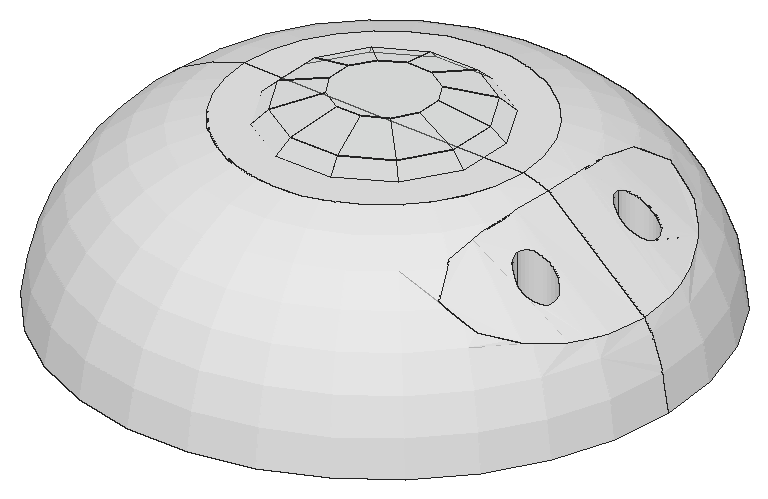
Revit family "Ceiling_Sensor-Dual-Hubbell_Wiring-ATD", category Lighting Devices, host Face, Revit 2015
Parameters (values of type "ATD1000C")
  Voltage = 24 V
  Ultrasonic Minor Motion [instance] = yes
  Ultrasonic Major Motion [instance] = yes
  URL = "http://www.hubbell-wiring.com/"
  Type Comments = ""
  Time Delay = "Test (8 seconds), adaptive 8 to 40 minutes"  # constant formula
  Storage Temperature = "-20°F to 150°F (-29°C to 65°C); 0% to 95%\r\nnon-condensing relative humidity"  # constant formula
  Sensors Option = ATD1000C-500C : ATD1000C-500C
  Sensitivity = "Adaptive 0 to 100%"  # constant formula
  Product data url = "https://bimobject.com/hubbellwiring/product/hubbell-atd"
  Product Page URL = "http://ecatalog.hubbell-wiring.com/productinformation/specsheets/3A/Live/PDF/ATD1000CRP_cart.pdf"
  Product Documentation Link = "http://ecatalog.hubbell-wiring.com/productinformation/CustomerDrawingLibraryAssets/3A/1/M7781.pdf"
  Power Factor = 1
  PIR Minor Motion [instance] = yes
  PIR Major Motion [instance] = yes
  Operating Temperature = "32°F to 104°F (0°C to 40°C) with rate of change not\r\nexceeding 20°F (11°C) per hour"  # constant formula
  Number of Poles = 1
  Model = "ATD1000C"
  Manufacturer = "Hubbell Wiring Device-Kellems"  # constant formula
  Load Classification = Other
  Keynote = ""
  Glass = Plastic - Hubbell - Polyethylene
  Field of View [instance] = no
  Device Material = Plastic - Hubbell - White
  Description = "Dual Technology Occupancy Sensors combine both Passive Infrared (PIR) \r\nand Ultrasonic (US) technologies for maximum reliability."  # constant formula
  Default Elevation = 48.00"
  Coverage Area = Field of View : 1000 sq.ft.
  Coverage = 180.00°
  Connector Description 2 = "Controls"  # constant formula
  Connector Description 1 = "Power Supply"  # constant formula
  Apparent Load = 0.000 VA
  Ambient Light = "1 to 1000 foot candles"  # constant formula
Types (3): name | Sensors Option | Product Page URL | Model | Coverage Area | Coverage
  ATD2000C | ATD2000 : ATD2000 | "http://ecatalog.hubbell-wiring.com/productinformation/specsheets/3A/Live/PDF/ATD2000CRP_cart.pdf" | "ATD2000C" | Field of View : 2000 sq.ft. | 360.00°
  ATD1000C | ATD1000C-500C : ATD1000C-500C | "http://ecatalog.hubbell-wiring.com/productinformation/specsheets/3A/Live/PDF/ATD1000CRP_cart.pdf" | "ATD1000C" | Field of View : 1000 sq.ft. | 180.00°
  ATD500C | ATD1000C-500C : ATD1000C-500C | "http://ecatalog.hubbell-wiring.com/productinformation/specsheets/3A/Live/PDF/ATD500CRP_cart.pdf" | "ATD500C" | Field of View : 500 sq.ft. | 180.00°
Reference planes (in)
  plane 1 "Center (Front/Back)": y = 0
  plane 2 "Bottom": z = 0
  plane 3 "Center (Left/Right)": x = 0
Dimensions and locks (in)
  aligned and locked: plane 2 "Bottom" to host face
  aligned and locked: level to host face
  aligned and locked: nested 1 to plane 3 "Center (Left/Right)"
  aligned and locked: nested 1 to plane 1 "Center (Front/Back)"
  aligned and locked: nested 2 to plane 3 "Center (Left/Right)"
  aligned and locked: plane 1 "Center (Front/Back)" to nested 2
Nested families (in)
  nested 1: "Field of View" at (0, 0, 0.575), Ultrasonic Minor Motion <- "Ultrasonic Minor Motion", Ultrasonic Major Motion <- "Ultrasonic Major Motion", PIR Minor Motion <- "PIR Minor Motion", PIR Major Motion <- "PIR Major Motion", Field of View <- "Field of View", type <- "Coverage Area", type "1000 sq.ft."
    with zz YesNo 8 no, zz YesNo 7 no, zz YesNo 6 no, zz YesNo 5 no, zz YesNo 4 no, zz YesNo 3 no, zz YesNo 2 no, zz YesNo 1 no, zz Length 5 192.06082", zz Length 4 384.22224", zz Length 3 138.2337", zz Length 2 270.01926", zz Length 1 108.00", Ultrasonic Minor Motion yes, Ultrasonic Major Motion yes, PIR Minor Motion yes, PIR Major Motion yes, Mounting Height 108.00", Field of View no, zz Integer 1 2
  nested 2: "ATD1000C-500C" at (0, 0, 0) x (0, -1, 0) z (0, 0, 1), type <- "Sensors Option", type "ATD1000C-500C"
Connectors (in)
  electrical at (0, 0, 0), driven by "Voltage", driven by "Apparent Load", driven by "Power Factor", driven by "Connector Description 1", driven by "Load Classification", driven by "Number of Poles", driven by "Apparent Load"
    settings: on nested 2, index 2, voltage 24 V, apparent load 0.000 VA, apparent load phase1 0.000 VA, apparent load phase2 0.000 VA, apparent load phase3 0.000 VA, power factor 1, load classification "Other", number of poles 1, system type 30, power factor state 1, is connector primary yes, connector utility no, sub classification motor no, connector description "Power Supply"
  electrical at (0, 0, 0), driven by "Connector Description 2"
    settings: on host face, index 3, voltage 0 V, apparent load 0.000 VA, apparent load phase1 0.000 VA, apparent load phase2 0.000 VA, apparent load phase3 0.000 VA, power factor 1, load classification "Other", number of poles 1, system type 13, power factor state 1, is connector primary no, connector utility no, sub classification motor no, connector description "Controls"
Definition of nested family "ATD1000C-500C"
  Parameters
    URL = "http://www.hubbell-wiring.com/"
    Type Comments = ""
    Product Page URL = ""
    Product Material = none
    Product Documentation Link = ""
    Model = ""
    Manufacturer = ""
    Keynote = ""
    Glass = none
    Description = ""
    Default Elevation = 48.00"
  Reference planes (in)
    plane 1 "Center (Front/Back)": y = 0
    plane 2 "Bottom": z = 0
    plane 3 "Center (Left/Right)": x = 0
    plane 4: y = 2.25
    plane 5: y = -2.25
    plane 6: z = 1.5
    plane 7: z = 1.3
    plane 8: y = 1.1
    plane 9: y = -1.1
    plane 10: y = 0.8
    plane 11: y = -0.8
    plane 12: z = 1.4
    plane 13: z = 1.275
    plane 14: z = 0.575
    plane 15: y = 1.2633
    plane 16: y = 2.1
    plane 17: y = -1.2633
    plane 18: y = -2.1
    plane 19: x = -0.5
    plane 20: x = 0.5
    plane 21: y = -1.6
    plane 22: y = 1.6
  Forms (in)
    Extrusion 1, solid
      sketch origin (0, 0, 0) x (1, 0, 0) y (0, 1, 0)
        loop
          line (-48, 48) -> (-48, -48) -> (48, -48) -> (48, 48) -> (-48, 48)
      from 0 to -12
    Revolve 2, solid, material <- "Product Material"
      sketch origin (0, 0, 0) x (0, 1, 0) y (0, 0, 1)
        loop
          line (0, 0) -> (2.25, 0)
          arc (2.25, 0) -> (1.89174, 0.84174) -> (1.1, 1.3) r 1.44596
          line (1.1, 1.3) -> (0, 1.3) -> (0, 0)
        axis (0, 1.3) -> (0, 0)
      angle from 0 to 360
    Revolve 3, void
      sketch origin (0, 0, 0) x (0, 1, 0) y (0, 0, 1)
        loop
          line (1.2633, 1.275) -> (2.1, 0.575)
          arc (2.1, 0.575) -> (1.83259, 1.10542) -> (1.2633, 1.275) r 0.75
        axis (-0.8, 1.275) -> (-0.8, 0.575)
      angle from 0 to 360
    Extrusion 4, void
      sketch origin (0, 0, 0.09375) x (0, -1, 0) y (1, 0, 0)
        loop
          circle (-1.6, -0.5) r 0.14975
        loop
          circle (-1.6, 0.5) r 0.14975
      from 0.48125 to 1.40625
    Blend 5, solid, material <- "Glass"
      base sketch origin (0, 57.68752, 1.3) x (0, 1, 0) y (-1, 0, 0)
        loop
          line (-56.88752, 0.21436) -> (-57.10188, 0.58564) -> (-57.47316, 0.8) -> (-57.90188, 0.8) -> (-58.27316, 0.58564) -> (-58.48752, 0.21436) -> (-58.48752, -0.21436) -> (-58.27316, -0.58564) -> (-57.90188, -0.8) -> (-57.47316, -0.8) -> (-57.10188, -0.58564) -> (-56.88752, -0.21436) -> (-56.88752, 0.21436)
      top sketch origin (0, 57.68752, 1.3) x (0, 1, 0) y (-1, 0, 0)
        loop
          line (-56.99217, 0.18632) -> (-57.17849, 0.50903) -> (-57.5012, 0.69535) -> (-57.87384, 0.69535) -> (-58.19655, 0.50903) -> (-58.38287, 0.18632) -> (-58.38287, -0.18632) -> (-58.19655, -0.50903) -> (-57.87384, -0.69535) -> (-57.5012, -0.69535) -> (-57.17849, -0.50903) -> (-56.99217, -0.18632) -> (-56.99217, 0.18632)
      from 0 to 0.1
    Blend 6, solid, material <- "Glass"
      base sketch origin (0, 57.68752, 1.3) x (0, 1, 0) y (-1, 0, 0)
        loop
          line (-56.99217, 0.18632) -> (-57.17849, 0.50903) -> (-57.5012, 0.69535) -> (-57.87384, 0.69535) -> (-58.19655, 0.50903) -> (-58.38287, 0.18632) -> (-58.38287, -0.18632) -> (-58.19655, -0.50903) -> (-57.87384, -0.69535) -> (-57.5012, -0.69535) -> (-57.17849, -0.50903) -> (-56.99217, -0.18632) -> (-56.99217, 0.18632)
      top sketch origin (0, 57.68752, 1.3) x (0, 1, 0) y (-1, 0, 0)
        loop
          line (-57.33418, 0.09468) -> (-57.42886, 0.25866) -> (-57.59284, 0.35334) -> (-57.7822, 0.35334) -> (-57.94618, 0.25866) -> (-58.04086, 0.09468) -> (-58.04086, -0.09468) -> (-57.94618, -0.25866) -> (-57.7822, -0.35334) -> (-57.59284, -0.35334) -> (-57.42886, -0.25866) -> (-57.33418, -0.09468) -> (-57.33418, 0.09468)
      from 0.1 to 0.2
  Cuts and joins
    Revolve 3, Extrusion 4 cuts Revolve 2
  Lines and regions (in)
    symbolic lines
      curve 1: arc (0, -2.25, 0) -> (-2.25, 0, 0) -> (0, 2.25, 0) r 2.25
      curve 2: arc (0, 2.25, 0) -> (2.25, 0, 0) -> (0, -2.25, 0) r 2.25
      curve 48: line (0, 2.25, 0) -> (0, -2.25, 0)
      curve 49: line (0, 0.35334, 1.5) -> (0, -0.35334, 1.5)
      curve 50: line (0, 0.8, 1.3) -> (0, 0.69535, 1.4)
      curve 51: line (0, 0.69535, 1.4) -> (0, 0.35334, 1.5)
      curve 52: line (0, -0.35334, 1.5) -> (0, -0.69535, 1.4)
      curve 53: line (0, -0.69535, 1.4) -> (0, -0.8, 1.3)
      curve 54: line (0, 1.1, 1.3) -> (0, -1.1, 1.3)
      curve 55: arc (0, 2.25, 0) -> (0, 1.89246, 0.84237) -> (0, 1.1, 1.3) r 1.44216
      curve 56: arc (0, -1.1, 1.3) -> (0, -1.89175, 0.84174) -> (0, -2.25, 0) r 1.44594
      curve 57: line (-0.69535, 0, 1.4) -> (-0.8, 0, 1.3)
      curve 58: line (-0.35334, 0, 1.5) -> (-0.69535, 0, 1.4)
      curve 59: line (0.35334, 0, 1.5) -> (-0.35334, 0, 1.5)
      curve 60: line (0.69535, 0, 1.4) -> (0.35334, 0, 1.5)
      curve 61: line (0.8, 0, 1.3) -> (0.69535, 0, 1.4)
      curve 62: line (1.1, 0, 1.3) -> (0, 0, 1.3)
      curve 63: line (0, 0, 1.3) -> (-1.1, 0, 1.3)
      curve 64: line (2.25, 0, 0) -> (0, 0, 0)
      curve 65: line (0, 0, 0) -> (-2.25, 0, 0)
      curve 66: arc (-2.25, 0, 0) -> (-1.89468, 0, 0.84433) -> (-1.1, 0, 1.3) r 1.43055
      curve 67: arc (1.1, 0, 1.3) -> (1.89345, 0, 0.84325) -> (2.25, 0, 0) r 1.43692
    symbolic lines, detail levels medium+fine
      curve 3: line (0, 2.05984, 0) -> (0, 1.30142, 0)
      curve 4: line (0, 1.30142, 0) -> (0, 2.05984, 0)
      curve 9: arc (0, -1.1, 0) -> (1.1, 0, 0) -> (0, 1.1, 0) r 1.1
      curve 10: arc (0, 1.1, 0) -> (-1.1, 0, 0) -> (0, -1.1, 0) r 1.1
      curve 11: line (0.57812, 0.59866, 0) -> (0.8, 0.21436, 0)
      curve 12: line (-0.09468, 0.35334, 0) -> (-0.25866, 0.25866, 0)
      curve 13: line (-0.25866, 0.25866, 0) -> (-0.35334, 0.09468, 0)
      curve 14: line (-0.35334, 0.09468, 0) -> (-0.35334, -0.09468, 0)
      curve 15: line (-0.35334, -0.09468, 0) -> (-0.25866, -0.25866, 0)
      curve 16: line (-0.25866, -0.25866, 0) -> (-0.09468, -0.35334, 0)
      curve 17: line (-0.09468, -0.35334, 0) -> (0.09468, -0.35334, 0)
      curve 18: line (0.09468, -0.35334, 0) -> (0.25866, -0.25866, 0)
      curve 19: line (0.25866, -0.25866, 0) -> (0.35334, -0.09468, 0)
      curve 20: line (0.35334, -0.09468, 0) -> (0.35334, 0.09468, 0)
      curve 21: line (0.35334, 0.09468, 0) -> (0.25866, 0.25866, 0)
      curve 22: line (0.25866, 0.25866, 0) -> (0.09468, 0.35334, 0)
      curve 23: line (0.09468, 0.35334, 0) -> (-0.09468, 0.35334, 0)
      curve 24: line (-0.2294, 0.8, 0) -> (-0.59866, 0.57812, 0)
      curve 25: line (-0.59866, 0.57812, 0) -> (-0.80752, 0.20134, 0)
      curve 26: line (-0.80752, 0.20134, 0) -> (-0.8, -0.2294, 0)
      curve 27: line (-0.8, -0.2294, 0) -> (-0.57812, -0.59866, 0)
      curve 28: line (-0.57812, -0.59866, 0) -> (-0.20134, -0.80752, 0)
      curve 29: line (-0.20134, -0.80752, 0) -> (0.2294, -0.8, 0)
      curve 30: line (0.2294, -0.8, 0) -> (0.59866, -0.57812, 0)
      curve 31: line (0.59866, -0.57812, 0) -> (0.80752, -0.20134, 0)
      curve 32: line (0.80752, -0.20134, 0) -> (0.8, 0.2294, 0)
      curve 33: line (0.8, 0.2294, 0) -> (0.57812, 0.59866, 0)
      curve 34: line (0.57812, 0.59866, 0) -> (0.20134, 0.80752, 0)
      curve 35: line (0.20134, 0.80752, 0) -> (-0.2294, 0.8, 0)
      curve 36: line (-0.18632, 0.69535, 0) -> (-0.50903, 0.50903, 0)
      curve 37: line (-0.50903, 0.50903, 0) -> (-0.69535, 0.18632, 0)
      curve 38: line (-0.69535, 0.18632, 0) -> (-0.69535, -0.18632, 0)
      curve 39: line (-0.69535, -0.18632, 0) -> (-0.50903, -0.50903, 0)
      curve 40: line (-0.50903, -0.50903, 0) -> (-0.18632, -0.69535, 0)
      curve 41: line (-0.18632, -0.69535, 0) -> (0.18632, -0.69535, 0)
      curve 42: line (0.18632, -0.69535, 0) -> (0.50903, -0.50903, 0)
      curve 43: line (0.50903, -0.50903, 0) -> (0.69535, -0.18632, 0)
      curve 44: line (0.69535, -0.18632, 0) -> (0.69535, 0.18632, 0)
      curve 45: line (0.69535, 0.18632, 0) -> (0.50903, 0.50903, 0)
      curve 46: line (0.50903, 0.50903, 0) -> (0.18632, 0.69535, 0)
      curve 47: line (0.18632, 0.69535, 0) -> (-0.18632, 0.69535, 0)
    symbolic lines, detail levels fine
      curve 5: arc (-0.5, 1.45025, 0) -> (-0.35025, 1.6, 0) -> (-0.5, 1.74975, 0) r 0.14975
      curve 6: arc (-0.5, 1.74975, 0) -> (-0.64975, 1.6, 0) -> (-0.5, 1.45025, 0) r 0.14975
      curve 7: arc (0.5, 1.74975, 0) -> (0.35025, 1.6, 0) -> (0.5, 1.45025, 0) r 0.14975
      curve 8: arc (0.5, 1.45025, 0) -> (0.64975, 1.6, 0) -> (0.5, 1.74975, 0) r 0.14975
  Dimensions and locks (in)
    equal spacing: plane 4, plane 1 "Center (Front/Back)", plane 5
    locked: plane 4 to plane 5 at 4.5
    locked: plane 6 to plane 2 "Bottom" at 1.5
    locked: plane 6 to plane 7 at 0.2
    equal spacing: plane 8, plane 1 "Center (Front/Back)", plane 9
    locked: plane 8 to plane 9 at 2.2
    equal spacing: plane 10, plane 1 "Center (Front/Back)", plane 11
    locked: plane 10 to plane 1 "Center (Front/Back)" at 0.8
    locked: plane 6 to plane 12 at 0.1
    plane 7 to plane 13 = 0.025"
    locked: plane 13 to plane 14 at 0.7
    plane 4 to plane 16 = 0.15"
    locked: plane 16 to plane 15 at 0.8367
    locked: plane 18 to plane 17 at 0.8367
    locked: plane 5 to plane 18 at 0.15
    plane 18 to plane 17 = 0.8367"
    equal spacing: plane 19, plane 3 "Center (Left/Right)", plane 20
    plane 19 to plane 20 = 1.00"
    equal spacing: plane 22, plane 1 "Center (Front/Back)", plane 21
    locked: plane 1 "Center (Front/Back)" to plane 22 at 1.6
    locked: plane 1 "Center (Front/Back)" to Extrusion 4 sketch curve at 1.6
    locked: plane 3 "Center (Left/Right)" to Extrusion 4 sketch curve at 0.5
    locked: plane 1 "Center (Front/Back)" to Blend 5 sketch curve at 0.69535
    aligned and locked: plane 2 "Bottom" to Extrusion 1
    aligned and locked: level to Extrusion 1
    aligned and locked: plane 1 "Center (Front/Back)" to Revolve 2 sketch curve
    aligned and locked: plane 7 to Revolve 2 sketch curve  (x2)
    aligned and locked: Revolve 2 sketch curve to plane 1 "Center (Front/Back)"
    aligned and locked: plane 2 "Bottom" to Revolve 2 sketch curve  (x2)
    aligned and locked: Revolve 3 sketch curve to plane 11
    aligned and locked: plane 8 to Revolve 2 sketch curve
    aligned and locked: plane 4 to Revolve 2 sketch curve
    aligned and locked: plane 16 to Revolve 3 sketch curve
    aligned and locked: plane 14 to Revolve 3 sketch curve
    aligned and locked: plane 13 to Revolve 3 sketch curve
    aligned and locked: plane 15 to Revolve 3 sketch curve
    aligned and locked: Extrusion 4 to Revolve 3
    aligned and locked: plane 6 to Extrusion 4
    aligned and locked: Blend 5 sketch curve to plane 10
    aligned and locked: plane 11 to Blend 5 sketch curve
    aligned and locked: plane 12 to Blend 5
    aligned and locked: Blend 6 sketch curve to Blend 5
    aligned and locked: Blend 6 to plane 12
    aligned and locked: plane 6 to Blend 6
    aligned and locked: Blend 5 to plane 7
  Automatic sketch dimensions
    Extrusion 1 sketch curve to Extrusion 1 sketch curve = 96.00"  (x2)
    Revolve 2 sketch curve to level = 0.11632"
    Revolve 2 sketch curve to level = 2.41808"
    plane 6 to Revolve 2 sketch curve = 3.09499"
    Revolve 3 sketch curve to level = 0.81521"
    plane 6 to Revolve 3 sketch curve = 0.65111"
    Revolve 3 sketch curve to plane 14 = 0.04482"
    Extrusion 4 sketch curve to plane 19 = 0.00"
    plane 22 to Extrusion 4 sketch curve = 0.00"
    plane 20 to Blend 5 sketch curve = 0.08564"  (x2)
    Blend 5 sketch curve to plane 11 = 0.21436"  (x2)
    Blend 5 sketch curve to plane 19 = 0.08564"  (x2)
    plane 1 "Center (Front/Back)" to Blend 5 sketch curve = 0.21436"  (x2)
    Blend 5 sketch curve to plane 1 "Center (Front/Back)" = 0.21436"  (x2)
    plane 10 to Blend 5 sketch curve = 0.21436"  (x2)
    plane 20 to Blend 5 sketch curve = 0.30"
    plane 3 "Center (Left/Right)" to Blend 5 sketch curve = 0.21436"  (x2)
    Blend 5 sketch curve to plane 3 "Center (Left/Right)" = 0.21436"  (x2)
    Blend 5 sketch curve to plane 19 = 0.30"
    plane 20 to Blend 5 sketch curve = 0.00903"  (x2)
    plane 10 to Blend 5 sketch curve = 0.29097"  (x2)
    Blend 5 sketch curve to plane 19 = 0.00903"  (x2)
    Blend 5 sketch curve to plane 1 "Center (Front/Back)" = 0.18632"  (x2)
    plane 1 "Center (Front/Back)" to Blend 5 sketch curve = 0.18632"  (x2)
    Blend 5 sketch curve to plane 11 = 0.29097"  (x2)
    Blend 5 sketch curve to plane 11 = 0.10465"
    plane 20 to Blend 5 sketch curve = 0.19535"
    plane 3 "Center (Left/Right)" to Blend 5 sketch curve = 0.18632"  (x2)
    Blend 5 sketch curve to plane 3 "Center (Left/Right)" = 0.18632"  (x2)
    Blend 5 sketch curve to plane 19 = 0.19535"
    Blend 6 sketch curve to plane 11 = 0.10465"
    Blend 6 sketch curve to plane 19 = 0.00903"  (x2)
    plane 20 to Blend 6 sketch curve = 0.00903"  (x2)
    Blend 6 sketch curve to plane 11 = 0.29097"
    plane 1 "Center (Front/Back)" to Blend 6 sketch curve = 0.18632"  (x2)
    Blend 6 sketch curve to plane 1 "Center (Front/Back)" = 0.18632"  (x2)
    plane 10 to Blend 6 sketch curve = 0.29097"  (x2)
    plane 10 to Blend 6 sketch curve = 0.10465"
    plane 20 to Blend 6 sketch curve = 0.19535"
    plane 3 "Center (Left/Right)" to Blend 6 sketch curve = 0.18632"  (x2)
    Blend 6 sketch curve to plane 3 "Center (Left/Right)" = 0.18632"  (x2)
    curve 1 to plane 3 "Center (Left/Right)" = 0.00"
    plane 5 to curve 1 = 0.00"
    plane 1 "Center (Front/Back)" to curve 2 = 0.00"
    curve 6 to plane 19 = 0.00"
    curve 3 to plane 3 "Center (Left/Right)" = 0.00"
    curve 4 to plane 3 "Center (Left/Right)" = 0.00"
    plane 22 to curve 5 = 0.00"
    curve 3 to plane 15 = 0.03812"
    curve 4 to curve 3 = 0.00"
    plane 22 to curve 5 = 0.14975"
    plane 16 to curve 4 = 0.04016"
    curve 3 to curve 4 = 0.00"
    curve 7 to plane 20 = 0.00"
    plane 22 to curve 8 = 0.00"
    plane 22 to curve 8 = 0.14975"
    curve 1 to curve 9 = 0.00"  (x2)
    plane 9 to curve 9 = 0.00"
    plane 20 to curve 11 = 0.30"
    curve 11 to plane 1 "Center (Front/Back)" = 0.21436"
    plane 20 to curve 11 = 0.07812"
    plane 10 to curve 11 = 0.20134"
    plane 10 to curve 24 = 0.00"
    plane 11 to curve 30 = 0.00"
    curve 27 to plane 19 = 0.07812"
    curve 25 to plane 19 = 0.09866"
    curve 27 to plane 19 = 0.30"
    curve 26 to plane 19 = 0.30752"
    plane 19 to curve 13 = 0.14666"
    curve 13 to curve 13 = 0.09468"
    curve 14 to curve 15 = 0.09468"
    curve 24 to plane 3 "Center (Left/Right)" = 0.2294"
    plane 11 to curve 28 = 0.00752"
    curve 28 to plane 3 "Center (Left/Right)" = 0.20134"
    curve 23 to plane 3 "Center (Left/Right)" = 0.09468"
    curve 17 to plane 3 "Center (Left/Right)" = 0.09468"
    plane 3 "Center (Left/Right)" to curve 23 = 0.09468"
    plane 3 "Center (Left/Right)" to curve 17 = 0.09468"
    curve 35 to plane 10 = 0.00752"
    plane 3 "Center (Left/Right)" to curve 35 = 0.20134"
    plane 3 "Center (Left/Right)" to curve 30 = 0.2294"
    curve 22 to curve 22 = 0.16398"
    curve 17 to curve 18 = 0.16398"
    curve 20 to plane 20 = 0.14666"
    plane 20 to curve 30 = 0.09866"
    curve 32 to curve 11 = 0.00"
    plane 20 to curve 31 = 0.30752"
    curve 27 to plane 11 = 0.20134"
    curve 31 to plane 11 = 0.22188"
    plane 1 "Center (Front/Back)" to curve 17 = 0.35334"
    curve 17 to curve 19 = 0.09468"
    curve 16 to curve 15 = 0.09468"
    plane 1 "Center (Front/Back)" to curve 26 = 0.2294"
    plane 1 "Center (Front/Back)" to curve 32 = 0.20134"
    plane 1 "Center (Front/Back)" to curve 15 = 0.09468"
    plane 1 "Center (Front/Back)" to curve 19 = 0.09468"
    curve 13 to plane 1 "Center (Front/Back)" = 0.09468"
    curve 21 to plane 1 "Center (Front/Back)" = 0.09468"
    curve 26 to plane 1 "Center (Front/Back)" = 0.20134"
    curve 11 to curve 33 = 0.01504"
    curve 13 to curve 12 = 0.16398"
    curve 20 to curve 21 = 0.16398"
    curve 21 to curve 22 = 0.09468"
    plane 10 to curve 25 = 0.22188"
    curve 48 to level = 0.00"
    curve 48 to plane 5 = 0.00"
    curve 54 to plane 7 = 0.00"
    curve 56 to plane 9 = 0.00"
    curve 53 to plane 11 = 0.00"
    curve 53 to plane 12 = 0.00"
    curve 49 to plane 6 = 0.00"
    curve 50 to plane 12 = 0.00"
    curve 50 to plane 10 = 0.00"
    curve 54 to plane 8 = 0.00"
    curve 48 to plane 4 = 0.00"
    plane 11 to curve 56 = 0.00875"
    curve 53 to plane 11 = 0.10465"
    plane 1 "Center (Front/Back)" to curve 49 = 0.35334"
    curve 49 to plane 1 "Center (Front/Back)" = 0.35334"
    plane 10 to curve 50 = 0.10465"
    curve 55 to plane 10 = 0.01229"
    curve 58 to plane 12 = 0.00"
    curve 58 to plane 6 = 0.00"
    curve 62 to plane 3 "Center (Left/Right)" = 0.00"
    curve 65 to plane 3 "Center (Left/Right)" = 0.00"
    curve 61 to plane 12 = 0.00"
    curve 67 to plane 7 = 0.00"
    curve 67 to level = 0.00"
    plane 19 to curve 59 = 0.14666"
    curve 57 to plane 19 = 0.19535"
    curve 57 to curve 57 = 0.10465"
    curve 66 to level = 0.10352"
    curve 66 to plane 19 = 0.3232"
    curve 63 to curve 57 = 0.30"
    curve 59 to plane 20 = 0.14666"
    plane 20 to curve 61 = 0.19535"
    curve 60 to curve 61 = 0.10465"
    curve 67 to level = 0.10882"
    plane 20 to curve 67 = 0.3172"
    curve 61 to curve 62 = 0.30"
    radius of Extrusion 4 sketch curve = 0.14975"  (x2)
Definition of nested family "Field of View"
  Parameters
    zz YesNo 8 [instance] = and(zz Integer 1 = 2, Field of View, PIR Minor Motion)  # no
    zz YesNo 7 [instance] = and(zz Integer 1 = 2, Field of View, PIR Major Motion)  # no
    zz YesNo 6 [instance] = and(zz Integer 1 = 1, Field of View, PIR Minor Motion)  # yes
    zz YesNo 5 [instance] = and(zz Integer 1 = 1, Field of View, PIR Major Motion)  # yes
    zz YesNo 4 [instance] = and(zz Integer 1 = 2, Field of View, Ultrasonic Minor Motion)  # no
    zz YesNo 3 [instance] = and(zz Integer 1 = 2, Field of View, Ultrasonic Major Motion)  # no
    zz YesNo 2 [instance] = and(zz Integer 1 = 1, Field of View, Ultrasonic Minor Motion)  # no
    zz YesNo 1 [instance] = and(zz Integer 1 = 1, Field of View, Ultrasonic Major Motion)  # no
    zz Length 5 [instance] = tan(zz Angle 4) * zz Length 1  # 192.06082"
    zz Length 4 [instance] = tan(zz Angle 3) * zz Length 1  # 384.22224"
    zz Length 3 [instance] = tan(zz Angle 2) * zz Length 1  # 138.2337"
    zz Length 2 [instance] = tan(zz Angle 1) * zz Length 1  # 270.01926"
    zz Length 1 [instance] = if(Mounting Height < 108.00", 108.00", if(Mounting Height > 180.00", 180.00", Mounting Height))  # 108.00"
    zz Integer 1 = 1
    zz Angle 4 = 60.65°
    zz Angle 3 = 74.30°
    zz Angle 2 = 52.00°
    zz Angle 1 = 68.20°
    Ultrasonic Minor Motion [instance] = no
    Ultrasonic Major Motion [instance] = no
    PIR Minor Motion [instance] = yes
    PIR Major Motion [instance] = yes
    Mounting Height [instance] = 108.00"
    Field of View [instance] = yes
  Reference planes (in)
    plane 1 "Center (Front/Back)": y = 0
    plane 2: z = 0
    plane 3 "Center (Left/Right)": x = 0
    plane 4: x = 2.4
    plane 5: x = -2.4
    plane 6: y = -1.74
    plane 7: y = 1.74
    plane 8: x = -270.01926
    plane 9: x = 270.01926
    plane 10: y = -138.2337
    plane 11: y = 138.2337
    plane 12: z = 108
    plane 13: x = -384.22224
    plane 14: y = 192.06082
    plane 15: x = 384.22224
    plane 16: y = -192.06082
    plane 17: z = 0.72
  Forms (in)
    Blend 1, solid, visible <- "zz YesNo 2"
      base sketch origin (0, 0, 0) x (1, 0, 0) y (0, 1, 0)
        loop
          line (-270.01926, 138.2337) -> (-270.01926, -138.2337) -> (270.01926, -138.2337) -> (270.01926, 138.2337) -> (-270.01926, 138.2337)
      top sketch origin (0, 0, 0) x (1, 0, 0) y (0, 1, 0)
        loop
          line (-2.4, 1.74) -> (-2.4, -1.74) -> (2.4, -1.74) -> (2.4, 1.74) -> (-2.4, 1.74)
      from 108 to 0
    Blend 2, solid, visible <- "zz YesNo 1"
      base sketch origin (0, 0, 0) x (1, 0, 0) y (0, 1, 0)
        loop
          line (-384.22224, 192.06082) -> (-384.22224, -192.06082) -> (384.22224, -192.06082) -> (384.22224, 192.06082) -> (-384.22224, 192.06082)
      top sketch origin (0, 0, 0) x (1, 0, 0) y (0, 1, 0)
        loop
          line (-2.4, 1.74) -> (-2.4, -1.74) -> (2.4, -1.74) -> (2.4, 1.74) -> (-2.4, 1.74)
      from 108 to 0
    Blend 3, solid, visible <- "zz YesNo 3"
      base sketch origin (0, 0, 0) x (1, 0, 0) y (0, 1, 0)
        loop
          line (0, 1.74) -> (0, -1.74) -> (2.4, -1.74) -> (2.4, 1.74) -> (0, 1.74)
      top sketch origin (0, 0, 0) x (1, 0, 0) y (0, 1, 0)
        loop
          line (0, 192.06082) -> (0, -192.06082) -> (384.22224, -192.06082) -> (384.22224, 192.06082) -> (0, 192.06082)
      from 0 to 108
    Blend 4, solid, visible <- "zz YesNo 4"
      base sketch origin (0, 0, 0) x (1, 0, 0) y (0, 1, 0)
        loop
          line (0, 1.74) -> (0, -1.74) -> (2.4, -1.74) -> (2.4, 1.74) -> (0, 1.74)
      top sketch origin (0, 0, 0) x (1, 0, 0) y (0, 1, 0)
        loop
          line (0, 138.2337) -> (0, -138.2337) -> (270.01926, -138.2337) -> (270.01926, 138.2337) -> (0, 138.2337)
      from 0 to 108
    Revolve 5, solid, visible <- "zz YesNo 6"
      sketch origin (0, 0, 0) x (1, 0, 0) y (0, 0, 1)
        loop
          line (0, 108) -> (0, 0.72) -> (0.798, 0.72) -> (144, 108) -> (0, 108)
        axis (0, 0.72) -> (0, 108)
      angle from 0 to 360
    Revolve 6, solid, visible <- "zz YesNo 5"
      sketch origin (0, 0, 0) x (1, 0, 0) y (0, 0, 1)
        loop
          line (0, 0.72) -> (0.798, 0.72) -> (264, 108) -> (0, 108) -> (0, 0.72)
        axis (0, 0.72) -> (0, 108)
      angle from 0 to 360
    Revolve 7, solid, visible <- "zz YesNo 8"
      sketch origin (0, 0, 0) x (1, 0, 0) y (0, 0, 1)
        loop
          line (0, 0.72) -> (0.798, 0.72) -> (144, 108) -> (0, 108) -> (0, 0.72)
        axis (0, 0.72) -> (0, 108)
      angle from -90 to 90
    Revolve 8, solid, visible <- "zz YesNo 7"
      sketch origin (0, 0, 0) x (1, 0, 0) y (0, 0, 1)
        loop
          line (0, 0.72) -> (0.798, 0.72) -> (264, 108) -> (0, 108) -> (0, 0.72)
        axis (0, 0.72) -> (0, 108)
      angle from -90 to 90
  Dimensions and locks (in)
    equal spacing: plane 5, plane 3 "Center (Left/Right)", plane 4
    plane 3 "Center (Left/Right)" to plane 4 = 2.40"
    equal spacing: plane 7, plane 1 "Center (Front/Back)", plane 6
    plane 6 to plane 1 "Center (Front/Back)" = 1.74"
    equal spacing: plane 8, plane 3 "Center (Left/Right)", plane 9
    equal spacing: plane 10, plane 1 "Center (Front/Back)", plane 11
    "zz Length 1": plane 12 to plane 2
    plane 10 to plane 11 = 276.46739"
    "zz Length 2": plane 8 to plane 3 "Center (Left/Right)"
    "zz Length 3": plane 1 "Center (Front/Back)" to plane 11
    equal spacing: plane 16, plane 1 "Center (Front/Back)", plane 14
    equal spacing: plane 13, plane 3 "Center (Left/Right)", plane 15
    "zz Length 4": plane 13 to plane 3 "Center (Left/Right)"
    "zz Length 5": plane 1 "Center (Front/Back)" to plane 14
    locked: plane 17 to plane 2 at 0.72
    angle plane 1 "Center (Front/Back)" to Blend 1 = 51.6474°
    angle plane 3 "Center (Left/Right)" to Blend 2 = 74.2062°
    angle plane 3 "Center (Left/Right)" to Blend 1 = 68.023°
    angle plane 1 "Center (Front/Back)" to Blend 2 = 60.4267°
    angle Blend 4 to Blend 3 = 68.023°
    angle Blend 3 to Blend 3 = 74.2062°
    locked: Revolve 5 sketch curve to Revolve 5 sketch curve (angle 53.1612°)
    locked: Revolve 6 sketch curve to Revolve 6 sketch curve (angle 67.8244°)
    locked: Revolve 8 sketch curve to Revolve 8 sketch curve (angle 67.8244°)
    locked: Revolve 7 sketch curve to Revolve 7 sketch curve (angle 53.1612°)
    aligned and locked: plane 2 to level
    aligned and locked: Blend 1 sketch curve to plane 11
    aligned and locked: Blend 1 sketch curve to plane 10
    aligned and locked: Blend 1 sketch curve to plane 8
    aligned and locked: Blend 1 sketch curve to plane 9
    aligned and locked: Blend 1 sketch curve to plane 7
    aligned and locked: plane 5 to Blend 1 sketch curve
    aligned and locked: plane 6 to Blend 1 sketch curve
    aligned and locked: Blend 1 sketch curve to plane 4
    aligned and locked: Blend 1 to level
    aligned and locked: Blend 1 to plane 12
    aligned and locked: Blend 2 sketch curve to plane 14
    aligned and locked: Blend 2 sketch curve to plane 16
    aligned and locked: Blend 2 sketch curve to plane 13
    aligned and locked: Blend 2 sketch curve to plane 15
    aligned and locked: Blend 2 sketch curve to Blend 1  (x4)
    aligned and locked: Blend 2 to level
    aligned and locked: Blend 2 to plane 12
    aligned and locked: Blend 1 to Blend 3 sketch curve
    aligned and locked: plane 3 "Center (Left/Right)" to Blend 3 sketch curve
    aligned and locked: Blend 3 sketch curve to Blend 1  (x2)
    aligned and locked: plane 14 to Blend 3 sketch curve
    aligned and locked: Blend 3 sketch curve to plane 16
    aligned and locked: Blend 3 sketch curve to plane 15
    aligned and locked: Blend 3 to plane 12
    aligned and locked: Blend 3 to level
    aligned and locked: Blend 3 sketch curve to plane 3 "Center (Left/Right)"
    aligned and locked: Blend 4 sketch curve to Blend 3  (x5)
    aligned and locked: Blend 4 sketch curve to plane 10
    aligned and locked: Blend 4 sketch curve to plane 9
    aligned and locked: plane 11 to Blend 4 sketch curve
    aligned and locked: Blend 4 to plane 12
    aligned and locked: Blend 4 to level
    aligned and locked: Revolve 5 sketch curve to plane 3 "Center (Left/Right)"
    aligned and locked: Revolve 5 sketch curve to plane 12
    aligned and locked: plane 3 "Center (Left/Right)" to Revolve 6 sketch curve  (x2)
    aligned and locked: Revolve 6 sketch curve to Revolve 5
    aligned and locked: plane 3 "Center (Left/Right)" to Revolve 7 sketch curve
    aligned and locked: Revolve 7 sketch curve to Revolve 5
    aligned and locked: plane 3 "Center (Left/Right)" to Revolve 8 sketch curve
    aligned and locked: Revolve 8 sketch curve to Revolve 5
    aligned and locked: plane 17 to Revolve 8
    aligned and locked: plane 17 to Revolve 6  (x2)
    aligned and locked: plane 17 to Revolve 5
    aligned and locked: plane 17 to Revolve 7
  Automatic sketch dimensions
    Revolve 5 sketch curve to plane 3 "Center (Left/Right)" = 0.00"
    plane 3 "Center (Left/Right)" to Revolve 5 sketch curve = 0.798"
    level to Revolve 5 sketch curve = 0.72"
    Revolve 5 sketch curve to level = 24.00"
    Revolve 5 sketch curve to Revolve 5 sketch curve = 4.00"
    plane 3 "Center (Left/Right)" to Revolve 6 sketch curve = 0.798"
    level to Revolve 6 sketch curve = 0.72"
    Revolve 6 sketch curve to level = 16.00"
    Revolve 6 sketch curve to Revolve 6 sketch curve = 20.00"
    Revolve 8 sketch curve to plane 3 "Center (Left/Right)" = 0.00"
    plane 3 "Center (Left/Right)" to Revolve 8 sketch curve = 0.798"
    level to Revolve 8 sketch curve = 0.72"
    Revolve 8 sketch curve to level = 11.00"
    Revolve 8 sketch curve to Revolve 8 sketch curve = 7.00"
    Revolve 7 sketch curve to plane 3 "Center (Left/Right)" = 0.00"
    plane 3 "Center (Left/Right)" to Revolve 7 sketch curve = 0.798"
    level to Revolve 7 sketch curve = 0.72"
    Revolve 7 sketch curve to level = 21.00"
    Revolve 7 sketch curve to Revolve 7 sketch curve = 5.00"
